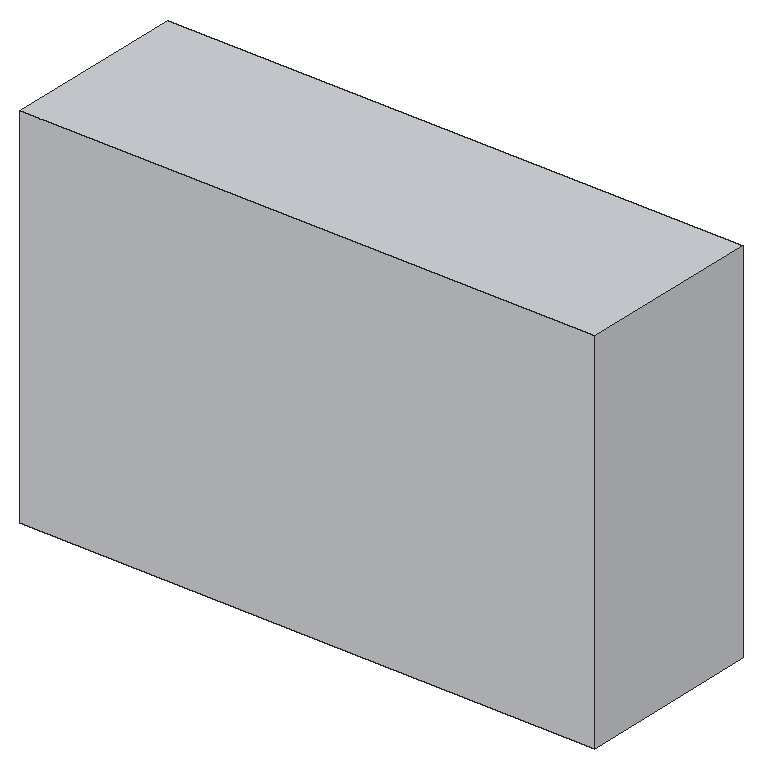
Revit family "混凝土樑-矩形", category 結構框架, Revit 2014
Parameters (values of type "40 x 80cm")
  Structural Material [instance] = none
  關鍵註記 = "03300"
  樑深度 = 800 mm
  Assembly Code = ""
  Length [instance] = 1524 mm
  角度 [instance] = 0.00°
  樑寬度 = 400 mm
Types (6, lengths in mm): name | 樑深度 | 樑寬度
  40 x 80cm | 800 | 400
  25x50 | 500 | 250
  60x30 | 300 | 600
  30x50 | 500 | 300
  35x65 | 650 | 350
  40x205 | 2050 | 400
Reference planes
  plane 1 "中心 (前/後)": y = 0
  plane 2: z = 0
  plane 3 "中心 (左/右)": x = 4.61
  plane 4 "左成員": x = -604.99
  plane 5 "右成員": x = 614.21
  plane 6: y = 200
  plane 7: y = -200
  plane 8: z = 400
  plane 9 "底部": z = -400
  plane 10 "左": x = -757.39
  plane 11 "右": x = 766.61
  plane 12: x = -617.69
  plane 13: x = 626.91
Forms (mm)
  Sweep 1, solid, material <- "Structural Material"
    path origin (0, 0, 0) x (1, 0, 0) y (0, 1, 0)
      loop
        line (626.91, 0) -> (-617.69, 0)
    profile "M_矩形樑-輪廓 : M_矩形樑-輪廓" origin (4.61, 0, 0) x (0, -1, 0) y (0, 0, 1)
      loop
        line (-200, -400) -> (200, -400) -> (200, 400) -> (-200, 400) -> (-200, -400)
Dimensions and locks
  "樑寬度": plane 6 to plane 7
  equal spacing: plane 9 "底部", plane 2, plane 8
  equal spacing: plane 6, plane 1 "中心 (前/後)", plane 7
  "樑深度": plane 9 "底部" to plane 8
  "Length": plane 10 "左" to plane 11 "右"
  locked: plane 12 to plane 4 "左成員" at 12.7
  locked: plane 5 "右成員" to plane 13 at 12.7
  aligned and locked: Sweep 1 sketch curve to plane 1 "中心 (前/後)"
  aligned and locked: plane 12 to Sweep 1 sketch curve
  aligned and locked: plane 13 to Sweep 1 sketch curve
